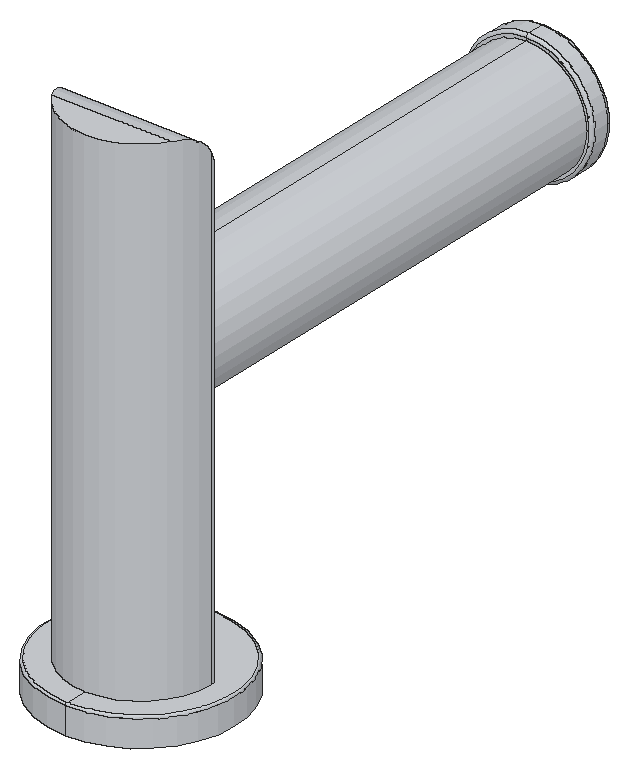
Revit family "Accessory-Tissue_Holder-KOHLER-Avid-K-97502_1", category Specialty Equipment, host Face, Revit 2017
Family settings
  Host = Face
  Round Connector Dimension = Use Diameter
  Part Type = Normal
  OmniClass Number = 23.31.25.21
  OmniClass Title = Toilet Paper Dispensers
  Cut with Voids When Loaded = No
  Shared = No
  Room Calculation Point = No
Parameters (values of type "CP-Polished Chrome")
  Width = 1 13/16"  # constant formula
  WaterSense Certified = 1 = 0  # no
  URL = "https://www.us.kohler.com/us/"
  Type = 1
  Product Page URL = "http://www.us.kohler.com/us/catalog/productDetails.jsp?productNumber=97502"
  Product Name = "Avid"  # constant formula
  Product Documentation Link = "https://www.us.kohler.com/webassets/kpna/catalog/pdf/en/K-97502_spec.pdf"
  Model = if(Type = 1, "K-97502-CP", if(Type = 2, "K-97502-BN", "NA"))  # "K-97502-CP"
  Material = "Premium Metal Construction"  # constant formula
  Master Format 2014 Name = "Toilet, Bath, and Laundry Accessories"  # constant formula
  Master Format 2014 = "10 28 00"  # constant formula
  Manufacturer Address = "444 Highland Dr, Kohler, WI 53044"  # constant formula
  Manufacturer = "KOHLER Co."  # constant formula
  Length = 5 1/16"  # constant formula
  Height = 5 3/4"  # constant formula
  Finish = Kohler-Metal-CP-Polished_Chrome
  Environmental Product Declaration = ""
  Description = "Vertical toilet tissue holder"  # constant formula
  Default Elevation = 42"
  Declare Label = ""
  Date Modified = "04/20/2020"  # constant formula
  Date Created = "04/20/2020"  # constant formula
  Copyright = "Copyright KOHLER Co."  # constant formula
  Contact Us = "https://www.us.kohler.com/us/static/contact.jsp"
  Assembly Code = "C1030200"
  ADA Compliant = 1 = 0  # no
Types (3): name | Type | Model | Finish
  (no name) | 1 | "K-97502-CP" | Kohler-Metal-CP-Polished_Chrome
  CP-Polished Chrome | 1 | "K-97502-CP" | Kohler-Metal-CP-Polished_Chrome
  BN-Vibrant Brushed Nickel | 2 | "K-97502-BN" | Kohler-Metal-BN-Vibrant_Brushed_Nickel
Reference planes (in)
  plane 1 "Center (Front/Back)": y = 0
  plane 2: z = 0
  plane 3 "Center (Left/Right)": x = 0
  plane 4: x = -0.90625
  plane 5: x = 0.90625
  plane 6: y = 0.90625
  plane 7: y = -0.90625
  plane 8: y = 4.84375
  plane 9: z = 5.0625
  plane 10: y = 0.0435
  plane 11: y = -0.66999
  plane 12: x = -0.63056
  plane 13: x = -0.57212
  plane 14: x = 0.63056
  plane 15: x = 0.57212
  plane 16: z = 3.59901
  plane 17: z = 2.96847
  plane 18: z = 2.33793
  plane 19: z = 3.53999
  plane 20: z = 2.39695
  plane 21: x = -0.66923
  plane 22: x = 0.66923
  plane 23: y = 4.63041
  plane 24: z = 0.27559
Dimensions and locks (in)
  "Height": plane 8 to plane 7
  "Width": plane 4 to plane 5
  "Length": plane 9 to level
  aligned and locked: plane 2 to host face
  aligned and locked: level to host face
  aligned and locked: plane 3 "Center (Left/Right)" to nested 1
  aligned and locked: plane 1 "Center (Front/Back)" to nested 1
Automatic sketch dimensions
  host sketch curve to host sketch curve = 96"  (x2)
Nested families (in)
  nested 1: "K-97502" at (0, 0, 0), type "K-97502"
Definition of nested family "K-97502"
  Parameters (values of type "K-97502")
    Material = none
  Reference planes (in)
    plane 1 "Center (Front/Back)": y = 0
    plane 2: z = 0
    plane 3 "Center (Left/Right)": x = 0
    plane 4: x = -0.90625
    plane 5: x = 0.90625
    plane 6: y = 0.90625
    plane 7: y = -0.90625
    plane 8: y = 4.84375
    plane 9: z = 5.0625
    plane 10: z = 2.96847
    plane 11: x = -0.57212
    plane 12: x = 0.57212
    plane 13: x = -0.63056
    plane 14: x = 0.63056
    plane 15: z = 3.59901
    plane 16: z = 2.33793
    plane 17: y = -0.66999
    plane 18: y = 0.0435
    plane 19: y = 4.63041
    plane 20: z = 3.53999
    plane 21: z = 2.39695
    plane 22: x = -0.66923
    plane 23: x = 0.66923
  Forms (in)
    Revolve 1, solid, material <- "Material", detail levels medium+fine
      sketch origin (0, 0, 0) x (0, 1, 0) y (0, 0, 1)
        loop
          line (0, 0) -> (0, 0.27559) -> (-0.88528, 0.27559)
          arc (-0.88528, 0.27559) -> (-0.90011, 0.26945) -> (-0.90625, 0.25462) r 0.02097
          line (-0.90625, 0.25462) -> (-0.90625, 0) -> (0, 0)
        axis (0, 0) -> (0, 0.27559)
      angle from 0 to 360
    Sweep 2, void
      path origin (0, 0, 0) x (0, 1, 0) y (0, 0, 1)
        loop
          line (0.0435, 0.22152) -> (0.0435, 4.67722)
          arc (0.0435, 4.67722) -> (-0.06935, 4.94966) -> (-0.34178, 5.0625) r 0.38528
          line (-0.34178, 5.0625) -> (-0.9565, 5.0625)
      profile origin (0, 0.0435, 2.44937) x (0, -1, 0) y (1, 0, 0)
        loop
          line (0, 0.90625) -> (-0.75, 0.90625) -> (-0.75, -0.90625) -> (0, -0.90625) -> (0, 0.90625)
    Extrusion 3, solid, material <- "Material", detail levels medium+fine
      sketch origin (0, 0, 0) x (1, 0, 0) y (0, 1, 0)
        loop
          circle (0, 0) r 0.67065
      from 0.27559 to 5.07142
    Revolve 4, solid, material <- "Material", detail levels medium+fine
      sketch origin (0, 0, 0) x (0, 1, 0) y (0, 0, 1)
        loop
          line (4.84375, 2.96847) -> (4.84375, 3.57166)
          arc (4.84375, 3.57166) -> (4.83574, 3.59099) -> (4.81641, 3.599) r 0.02734
          line (4.81641, 3.599) -> (4.65824, 3.599)
          arc (4.65824, 3.599) -> (4.63835, 3.59076) -> (4.63012, 3.57087) r 0.02813
          line (4.63012, 3.57087) -> (4.63012, 3.53999) -> (0.0435, 3.53999) -> (0.0435, 2.96847) -> (4.84375, 2.96847)
        axis (4.84375, 2.96847) -> (0.0435, 2.96847)
      angle from 0 to 360
    Extrusion 5, solid, material <- "Material", detail levels coarse
      sketch origin (0, 0, 0) x (1, 0, 0) y (0, 1, 0)
        loop
          circle (0, 0) r 0.90625
      from 0 to 0.27559
    Extrusion 6, solid, material <- "Material", detail levels coarse
      sketch origin (0, 0, 0) x (1, 0, 0) y (0, 1, 0)
        loop
          arc (-0.66923, 0.0435) -> (0, -0.67065) -> (0.66923, 0.0435) r 0.67065
          line (0.66923, 0.0435) -> (-0.66923, 0.0435)
      from 0.27559 to 5.0625
    Extrusion 7, solid, material <- "Material", detail levels coarse
      sketch origin (0, 0, 0) x (1, 0, 0) y (0, 0, 1)
        loop
          circle (0, 2.96847) r 0.60351
      from -4.84375 to 0
  Cuts and joins
    Sweep 2 cuts Extrusion 3
    joined: Revolve 1, Extrusion 3, Revolve 4
    joined: Extrusion 5, Extrusion 6, Extrusion 7
  Lines and regions (in)
    Masking region 1
      outline origin (0, 0, 0) x (0, 1, 0) y (0, 0, 1)
        loop
          line (-0.90625, 0) -> (0.90625, 0) -> (0.90625, 0.25464)
          arc (0.90625, 0.25464) -> (0.90011, 0.26945) -> (0.8853, 0.27559) r 0.02095
          line (0.8853, 0.27559) -> (0.0435, 0.27559) -> (0.0435, 2.39705) -> (4.63012, 2.39705) -> (4.63012, 2.36589)
          arc (4.63012, 2.36589) -> (4.63831, 2.34612) -> (4.65808, 2.33793) r 0.02796
          line (4.65808, 2.33793) -> (4.81672, 2.33793)
          arc (4.81672, 2.33793) -> (4.83583, 2.34584) -> (4.84375, 2.36496) r 0.02703
          line (4.84375, 2.36496) -> (4.84375, 3.57198)
          arc (4.84375, 3.57198) -> (4.83583, 3.59109) -> (4.81672, 3.59901) r 0.02703
          line (4.81672, 3.59901) -> (4.65777, 3.59901)
          arc (4.65777, 3.59901) -> (4.63822, 3.59091) -> (4.63012, 3.57136) r 0.02765
          line (4.63012, 3.57136) -> (4.63012, 3.53988) -> (0.0435, 3.53988) -> (0.0435, 4.682)
          arc (0.0435, 4.682) -> (-0.06795, 4.95105) -> (-0.33701, 5.0625) r 0.3805
          line (-0.33701, 5.0625) -> (-0.66999, 5.0625) -> (-0.66999, 0.27559) -> (-0.8853, 0.27559)
          arc (-0.8853, 0.27559) -> (-0.90011, 0.26945) -> (-0.90625, 0.25464) r 0.02095
          line (-0.90625, 0.25464) -> (-0.90625, 0)
    Masking region 2
      outline origin (0, 0, 0) x (1, 0, 0) y (0, 0, 1)
        loop
          line (0.90625, 0) -> (0.90625, 0.25205)
          arc (0.90625, 0.25205) -> (0.89936, 0.2687) -> (0.88271, 0.27559) r 0.02354
          line (0.88271, 0.27559) -> (0.66665, 0.27559) -> (0.66665, 4.87052)
          arc (0.66665, 4.87052) -> (0.65243, 4.96296) -> (0.6111, 5.04686) r 0.30765
          arc (0.6111, 5.04686) -> (0.598, 5.05836) -> (0.58107, 5.0625) r 0.03664
          line (0.58107, 5.0625) -> (-0.58107, 5.0625)
          arc (-0.58107, 5.0625) -> (-0.598, 5.05836) -> (-0.6111, 5.04686) r 0.03664
          arc (-0.6111, 5.04686) -> (-0.65243, 4.96296) -> (-0.66665, 4.87052) r 0.30765
          line (-0.66665, 4.87052) -> (-0.66665, 0.27559) -> (-0.88271, 0.27559)
          arc (-0.88271, 0.27559) -> (-0.89936, 0.2687) -> (-0.90625, 0.25205) r 0.02354
          line (-0.90625, 0.25205) -> (-0.90625, 0) -> (0.90625, 0)
    Masking region 3
      outline origin (0, 0, 0) x (1, 0, 0) y (0, 1, 0)
        loop
          arc (-0.57212, 0.70283) -> (0, -0.90625) -> (0.57212, 0.70283) r 0.90625
          line (0.57212, 0.70283) -> (0.57212, 4.63041) -> (0.6031, 4.63041)
          arc (0.6031, 4.63041) -> (0.62252, 4.63845) -> (0.63056, 4.65787) r 0.02746
          line (0.63056, 4.65787) -> (0.63056, 4.81799)
          arc (0.63056, 4.81799) -> (0.62302, 4.83621) -> (0.60481, 4.84375) r 0.02576
          line (0.60481, 4.84375) -> (-0.60481, 4.84375)
          arc (-0.60481, 4.84375) -> (-0.62302, 4.83621) -> (-0.63056, 4.81799) r 0.02576
          line (-0.63056, 4.81799) -> (-0.63056, 4.65787)
          arc (-0.63056, 4.65787) -> (-0.62252, 4.63845) -> (-0.6031, 4.63041) r 0.02746
          line (-0.6031, 4.63041) -> (-0.57212, 4.63041) -> (-0.57212, 0.70283)
    symbolic lines, detail levels medium+fine
      curve 1: line (0, 0.0435, 0.27559) -> (0, -0.66999, 0.27559)
      curve 2: line (0, 0.0435, 2.39695) -> (0, 0.0435, 3.53999)
      curve 3: line (0, 4.63012, 2.39705) -> (0, 4.63012, 3.53999)
      curve 4: line (0.66665, 0, 0.27559) -> (-0.66665, 0, 0.27559)
      curve 5: circle (0, 0, 2.96847) r 0.63054 normal (0, -1, 0)
      curve 6: line (-0.60241, 4.63012, 0) -> (0.57152, 4.63012, 0)
      curve 7: arc (-0.66923, 0.0435, 0) -> (0, -0.67065, 0) -> (0.66923, 0.0435, 0) r 0.67065
      curve 8: line (-0.66923, 0.0435, 0) -> (0.66923, 0.0435, 0)
      curve 9: line (-0.57212, 0.70283, 0) -> (-0.57212, 0.0435, 0)
      curve 10: line (0.57212, 0.70283, 0) -> (0.57212, 0.0435, 0)
  Dimensions and locks (in)
    plane 8 to plane 7 = 5 3/4"
    plane 4 to plane 5 = 1 13/16"
    plane 9 to level = 5 1/16"
    aligned and locked: plane 2 to level
